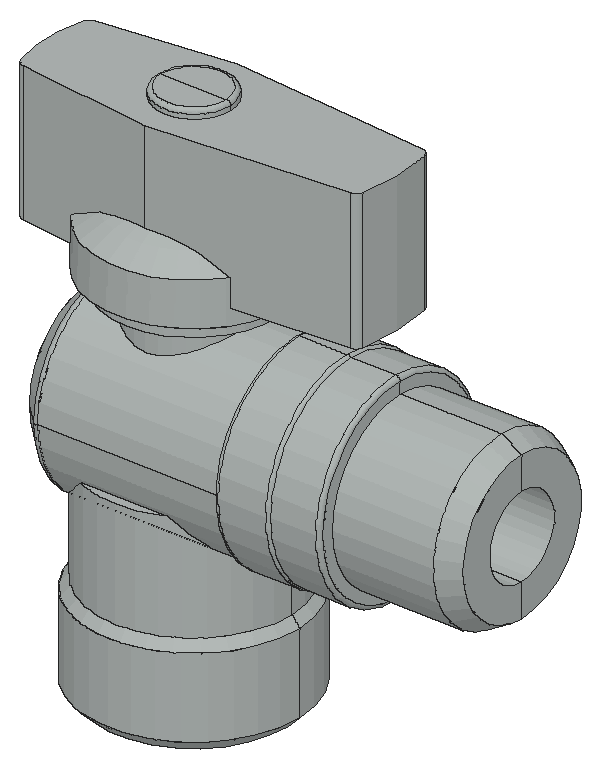
Revit family "QL20102099", category Apparecchi idraulici, Revit 2020
Family settings
  Quota connettore circolare = Usa diametro
  Tipo di parte = Normale
  Numero OmniClass = 23.45.00.00
  Titolo OmniClass = Sanitary, Laundry, and Cleaning Equipment
  Basato su piano di lavoro = No
  Sempre verticale = Sì
  Taglio con vuoti quando caricato = No
  Condiviso = No
  Punto di calcolo locali = No
Parameters
  URL = "https://web.cimberio.com/index.php/figura/457?subcategoria_id=74"
  Temperatura di esercizio = "-15 ÷ 90°C"
  Prospetto di default = 0 mm
  Produttore = "CIMBERIO SPA"
  Pressione nominale = "PN 16"
  Modello = "Cim 39"
  Materiale = "Prodotto in lega di ottone conforme alla norma EN 12165-CW617N-DW"
  Descrizione = "Utilizzato nei più svariati settori dell'impiantistica: impianti di riscaldamento, condizionamento, idrici, igienico-sanitari, aria compressa e in generale con ogni fluido non corrosivo"
  DN [instance] = 10 mm
  Commenti sul tipo = "Realizzato in ottemperanza ai requisiti gestionali della norma EN ISO 9001.\r\nCollaudato al 100% secondo la normativa EN 12266-1"
Reference planes
  plane 1 "Centro (Fronte/Retro)": y = 0
  plane 2: z = 0
  plane 3 "Centro (Sinistra/Destra)": x = 0
Forms (mm)
  Revolve 1, solid, material "Cim_Lega di ottone"
    sketch origin (0, 0, 31) x (1, 0, 0) y (0, 1, 0)
      loop
        line (-13, 0) -> (-10.293, 0) -> (-10.293, 5) -> (12.5, 5) -> (12.5, 12) -> (-9.586, 12)
        arc (-9.586, 12) -> (-9.968, 11.924) -> (-10.293, 11.707) r 1
        line (-10.293, 11.707) -> (-12.707, 9.293)
        arc (-12.707, 9.293) -> (-12.924, 8.968) -> (-13, 8.586) r 1
        line (-13, 8.586) -> (-13, 0)
      axis (-13, 0) -> (12.5, 0)
    angle from 0 to 360
  Revolve 2, solid, material "Cim_Lega di ottone"
    sketch origin (0, 0, 0) x (1, 0, 0) y (0, 0, 1)
      loop
        line (-12, 25.68) -> (-12, 12.443) -> (-13, 11.289) -> (0, 11.289) -> (0, 25.68) -> (-12, 25.68)
      axis (0, 25.68) -> (0, 11.289)
    angle from 0 to 360
  Revolve 3, solid, material "Cim_Lega di ottone filetto OR"
    sketch origin (0, 0, 0) x (1, 0, 0) y (0, 0, 1)
      loop
        line (-5, 0) -> (-5, 11.289) -> (-13, 11.289) -> (-13, 1.5) -> (-11.5, 0) -> (-5, 0)
      axis (0, 0) -> (0, 11.289)
    angle from 0 to 360
  Revolve 4, solid, material "Cim_Lega di ottone"
    sketch origin (0, 0, 0) x (1, 0, 0) y (0, 0, 1)
      loop
        line (18.8, 43.5) -> (13, 43.5)
        arc (13, 43.5) -> (12.646, 43.354) -> (12.5, 43) r 0.5
        line (12.5, 43) -> (12.5, 36) -> (19.3, 36) -> (19.3, 43)
        arc (19.3, 43) -> (19.154, 43.354) -> (18.8, 43.5) r 0.5
      axis (12.5, 31) -> (19.3, 31)
    angle from 0 to 360
  Revolve 5, solid, material "Cim_Lega di ottone"
    sketch origin (0, 0, 0) x (1, 0, 0) y (0, 0, 1)
      loop
        line (24.8, 43.307) -> (18.446, 43.307) -> (18.446, 36) -> (25.3, 36) -> (25.3, 42.807)
        arc (25.3, 42.807) -> (25.154, 43.161) -> (24.8, 43.307) r 0.5
      axis (25.3, 31) -> (18.446, 31)
    angle from 0 to 360
  Revolve 6, solid, material "Cim_Lega di ottone filetto VER"
    sketch origin (0, 0, 0) x (1, 0, 0) y (0, 0, 1)
      loop
        line (25.3, 41.45) -> (25.3, 36) -> (40.3, 36) -> (40.3, 40.007) -> (37.8, 41.45) -> (25.3, 41.45)
      axis (40.3, 31) -> (25.3, 31)
    angle from 0 to 360
  Revolve 7, solid, material "Cim_Lega di ottone"
    sketch origin (0, 0, 0) x (1, 0, 0) y (0, 0, 1)
      loop
        line (-7.4, 51.099) -> (-7.4, 39.926) -> (0, 39.926) -> (0, 51.099) -> (-7.4, 51.099)
      axis (0, 51.099) -> (0, 39.926)
    angle from 0 to 360
  Revolve 8, solid, material "Cim_Lega di ottone"
    sketch origin (0, 0, 0) x (1, 0, 0) y (0, 0, 1)
      loop
        line (0, 44.55) -> (10.305, 44.55) -> (10.305, 45.495) -> (11.9, 46.416) -> (11.808, 51.69)
        arc (11.808, 51.69) -> (6.233, 54.612) -> (0, 55.483) r 18.394
        line (0, 55.483) -> (0, 44.55)
      axis (0, 55.483) -> (0, 44.55)
    angle from 0 to 360
  Revolve 9, solid, material "Cim_Lega di ottone"
    sketch origin (0, 0, 0) x (1, 0, 0) y (0, 0, 1)
      loop
        line (3.999, 66.35) -> (0, 66.35) -> (0, 64.191) -> (4.5, 64.191) -> (4.5, 65.85)
        arc (4.5, 65.85) -> (4.353, 66.204) -> (3.999, 66.35) r 0.5
      axis (0, 66.35) -> (0, 64.191)
    angle from 0 to 360
  Extrusion 10, solid, material "Cim_Lega di ottone"
    sketch origin (0, 0, 0) x (1, 0, 0) y (0, 1, 0)
      loop
        line (-0.625, 7.424) -> (-16.512, 5.5)
        arc (-16.512, 5.5) -> (-17.045, 5.265) -> (-17.356, 4.772) r 1
        arc (-17.356, 4.772) -> (-18, -0.042) -> (-17.334, -4.852) r 18
        arc (-17.334, -4.852) -> (-17.02, -5.343) -> (-16.487, -5.576) r 1
        line (-16.487, -5.576) -> (0, -7.5) -> (23.658, -5.5)
        arc (23.658, -5.5) -> (24.243, -5.247) -> (24.556, -4.691) r 1
        arc (24.556, -4.691) -> (25, 0) -> (24.556, 4.691) r 25
        arc (24.556, 4.691) -> (24.243, 5.247) -> (23.658, 5.5) r 1
        line (23.658, 5.5) -> (-0.625, 7.424)
    from 48.35 to 65.35
Dimensions and locks
  aligned and locked: level to plane 2
Connectors
  piping at (40.3, 0, 31), diameter 10, driven by "DN"
    settings: on Revolve 6, index 1, connector inside diameter 609.6 mm, connector length 0 mm, flow factor 0, pipe flow 0.0 L/s, pressure drop 0.0 Pa, fitting loss kfactor 0, connector angle 0.00°, fixture units 0, engagement length 0 mm, angle of deflection 0.00°, flow configuration 0, flow direction 0, fitting loss method 0, system type 7, joint type 0, gender type 0, connector reference index -1, connector utility 0, adjustable connector no, is connector primary yes, connector description ""
  piping at (0, 0, 0), diameter 10, driven by "DN"
    settings: on Revolve 3, index 2, connector inside diameter 609.6 mm, connector length 0 mm, flow factor 0, pipe flow 0.0 L/s, pressure drop 0.0 Pa, fitting loss kfactor 0, connector angle 0.00°, fixture units 0, engagement length 0 mm, angle of deflection 0.00°, flow configuration 0, flow direction 0, fitting loss method 0, system type 7, joint type 0, gender type 0, connector reference index -1, connector utility 0, adjustable connector no, is connector primary no, connector description ""
